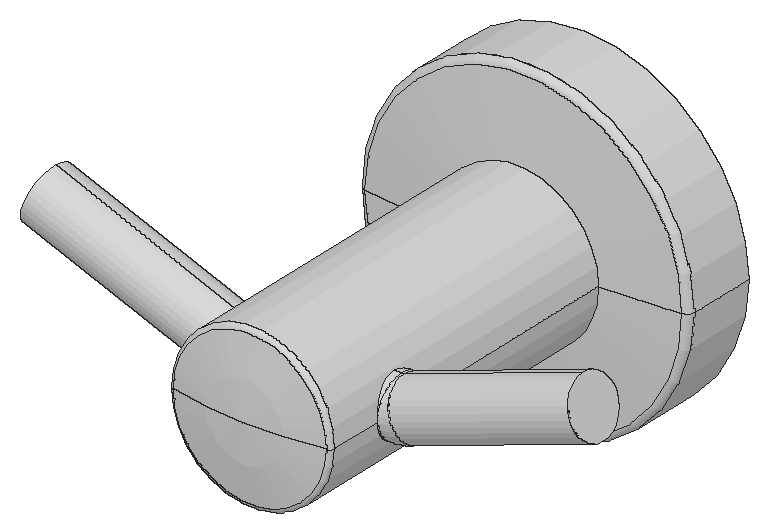
Revit family "Reece_Accessory_Posh_Solus MK2_Robe Hook", category Plumbing Fixtures, host Face, Revit 2018
Family settings
  Host = Face
  Round Connector Dimension = Use Diameter
  Part Type = Normal
  Cut with Voids When Loaded = Yes
  Shared = Yes
  Room Calculation Point = Yes
Parameters (values of type "Chrome")
  URL = "https://www.reece.com.au/product/-9506577"
  Type Comments = "Accessory"
  Reece_Product_Web Page = "https://www.reece.com.au/product/-9506577"
  Reece_Product_Type = "Accessory"  # constant formula
  Reece_Product_Sub Brand = "Solus MK2"  # constant formula
  Reece_Product_Number = "9506577"
  Reece_Product_Mount = "Wall Mounted"
  Reece_Product_Description = "Posh Solus MK2 Robe Hook Chrome"
  Reece_Product_Brand = "Posh"  # constant formula
  Reece_Overall_Width = 58 mm  # constant formula
  Reece_Overall_Length = 77 mm  # constant formula
  Reece_Overall_Height = 45 mm  # constant formula
  Reece_Material_Main = Reece_Brass_Chrome
  Reece_Height_From_Level [instance] = 1000 mm
  Reece_Detail_Installation = "Wall Mounted"  # constant formula
  Reece_Detail_Disclaimer = "THIS FILE IS THE PROPERTY OF THE REECE GROUP. IT MAY NOT BE REPRODUCED, REVERSE-ENGINEERED OR MODIFIED. ANY REPUBLICATION, TRANSMISSION OR DISTRIBUTION FOR THE PURPOSE OF COMMERCIALLY EXPLOITING THE FILES IS PROHIBITED."  # constant formula
  Reece_Detail_Additional = "Robe Hook"  # constant formula
  Model = "Solus MK2"
  Manufacturer = "Posh"
  Keynote = "Product #9506577, Reece_Accessory_Posh_Solus MK2_Robe Hook - Chrome"
  Disclaimer = "THIS FILE IS THE PROPERTY OF THE REECE GROUP. IT MAY NOT BE REPRODUCED, REVERSE-ENGINEERED OR MODIFIED. ANY REPUBLICATION, TRANSMISSION OR DISTRIBUTION FOR THE PURPOSE OF COMMERCIALLY EXPLOITING THE FILES IS PROHIBITED."  # constant formula
  Description = "Posh Solus MK2 Robe Hook Chrome"
  Default Elevation = 0 mm
Types (3, lengths in mm): name | URL | Reece_Product_Web Page | Reece_Product_Number | Reece_Product_Description | Reece_Material_Main | Keynote | Description
  (no name) | "https://www.reece.com.au/product/-9506577" | "https://www.reece.com.au/product/-9506577" | "9506577" | "Posh Solus MK2 Robe Hook Chrome" | Reece_Brass_Chrome | "Product #9506577, Reece_Accessory_Posh_Solus MK2_Robe Hook -  " | "Posh Solus MK2 Robe Hook Chrome"
  Chrome | "https://www.reece.com.au/product/-9506577" | "https://www.reece.com.au/product/-9506577" | "9506577" | "Posh Solus MK2 Robe Hook Chrome" | Reece_Brass_Chrome | "Product #9506577, Reece_Accessory_Posh_Solus MK2_Robe Hook - Chrome" | "Posh Solus MK2 Robe Hook Chrome"
  Matte Black | "https://www.reece.com.au/product/-2263975" | "https://www.reece.com.au/product/-2263975" | "2263975" | "Posh Solus MK2 Robe Hook Matte Black" | Reece_Brass_Matte Black | "Product #2263975, Reece_Accessory_Posh_Solus MK2_Robe Hook - Matte Black" | "Posh Solus MK2 Robe Hook Matte Black"
Reference planes
  plane 1 "Center (Front/Back)": y = 0
  plane 2 "Bottom Host Plane": z = -5
  plane 3 "Center (Left/Right)": x = 0
  plane 4 "Height From Floor": z = 1000
  plane 5: y = -58
  plane 6: z = 1022.5
  plane 7: x = -38.5
  plane 8: x = 38.5
  plane 9: z = 977.5
Forms (mm)
  Revolve 1, solid, material "Reece_Brass_Chrome" <- "Reece_Material_Main"
    sketch origin (0, 0, 1000) x (-1, 0, 0) y (0, -1, 0)
      loop
        line (-22.5, 0) -> (0, 0) -> (0, 58)
        arc (0, 58) -> (-5.252, 57.719) -> (-10.444, 56.88) r 49.27
        arc (-10.444, 56.88) -> (-10.85, 56.63) -> (-11.009, 56.18) r 0.717
        line (-11.009, 56.18) -> (-11.009, 11.227)
        arc (-11.009, 11.227) -> (-16.328, 10.8) -> (-21.629, 10.198) r 161.652
        arc (-21.629, 10.198) -> (-22.251, 9.866) -> (-22.5, 9.206) r 1
        line (-22.5, 9.206) -> (-22.5, 0)
      axis (0, 0) -> (0, 58)
    angle from 0 to 360
  Sweep 2, solid, material "Reece_Brass_Chrome" <- "Reece_Material_Main"
    path origin (1.406, -49, 0.352) x (-1, 0, 0) y (0, 0, 1)
      loop
        line (40.111, 1005.326) -> (15.611, 996.509)
        arc (15.611, 996.509) -> (14.11, 996.111) -> (12.563, 995.977) r 9
        line (12.563, 995.977) -> (-9.751, 995.977)
        arc (-9.751, 995.977) -> (-11.297, 996.111) -> (-12.798, 996.509) r 9
        line (-12.798, 996.509) -> (-37.298, 1005.326)
    profile origin (0, -49, 996.328) x (0, 0, -1) y (0, 1, 0)
      loop
        circle (-4, 4) r 4
  Extrusion 3, void
    sketch origin (0, 0, 0.859) x (0, 1, 0) y (0, 0, 1)
      loop
        arc (-19.236, 988.341) -> (-25.239, 989.527) -> (-31.24, 988.321) r 15.681
        line (-31.24, 988.321) -> (-31.24, 986.244) -> (-19.236, 986.244) -> (-19.236, 988.341)
      loop
        arc (-42.135, 988.298) -> (-45.228, 988.785) -> (-48.321, 988.298) r 10.056
        line (-48.321, 988.298) -> (-48.321, 986.283) -> (-42.135, 986.283) -> (-42.135, 988.298)
    from -14.856 to 13.37
Cuts and joins
  Extrusion 3 cuts Revolve 1
  Extrusion 3 cuts Sweep 2
  joined: Revolve 1, Sweep 2
Lines and regions (mm)
  model lines, style "InvisibleLines"
    curve 1: line (0, 0, -5) -> (0, 0, 1000)
Text (mm)
  text "Reece ©" at (2668.853, -2395.367, 2952.593), in view "Reece Preview"
  text "Reece Copyright © 2018, Reece Ltd." at (-247.475, -190.626, 0), in view "Ref. Level"
Dimensions and locks
  plane 2 "Bottom Host Plane" to level = 5 mm
  locked: level to plane 2 "Bottom Host Plane" at 5
  "Reece_Height_From_Level": plane 4 "Height From Floor" to level
  "Reece_Overall_Width": plane 1 "Center (Front/Back)" to plane 5
  equal spacing: plane 7, plane 3 "Center (Left/Right)", plane 8
  "Reece_Overall_Length": plane 8 to plane 7
  locked: plane 6 to plane 4 "Height From Floor" at 22.5
  "Reece_Overall_Height": plane 6 to plane 9
  aligned and locked: plane 2 "Bottom Host Plane" to curve 1
  aligned and locked: plane 4 "Height From Floor" to curve 1
Automatic sketch dimensions
  curve 1 to plane 3 "Center (Left/Right)" = 0 mm
  Sweep 2 sketch curve to plane 4 "Height From Floor" = 3.14 mm  (x2)
  plane 3 "Center (Left/Right)" to Sweep 2 sketch curve = 14.204 mm
  Sweep 2 sketch curve to Sweep 2 sketch curve = 3.048 mm  (x2)
  Sweep 2 sketch curve to Sweep 2 sketch curve = 0.532 mm
  Sweep 2 sketch curve to plane 8 = 0.205 mm
  Sweep 2 sketch curve to plane 3 "Center (Left/Right)" = 11.157 mm
  Sweep 2 sketch curve to plane 7 = 0.205 mm
  plane 4 "Height From Floor" to Sweep 2 sketch curve = 5.677 mm  (x2)
  profile plane to Sweep 2 sketch curve = 4 mm  (x2)
  plane 1 "Center (Front/Back)" to Revolve 1 sketch curve = 0 mm
  Revolve 1 sketch curve to plane 3 "Center (Left/Right)" = 0 mm  (x2)
  Revolve 1 sketch curve to plane 5 = 0 mm
  plane 3 "Center (Left/Right)" to Revolve 1 sketch curve = 0.735 mm
  plane 5 to Revolve 1 sketch curve = 1.82 mm
  plane 3 "Center (Left/Right)" to Revolve 1 sketch curve = 10.292 mm
  Revolve 1 sketch curve to Revolve 1 sketch curve = 0.717 mm
  Revolve 1 sketch curve to Revolve 1 sketch curve = 10.491 mm
  Revolve 1 sketch curve to Revolve 1 sketch curve = 1 mm
  Revolve 1 sketch curve to plane 1 "Center (Front/Back)" = 150.098 mm
  plane 1 "Center (Front/Back)" to Revolve 1 sketch curve = 8.73 mm
  plane 1 "Center (Front/Back)" to Revolve 1 sketch curve = 9.206 mm
  Revolve 1 sketch curve to Revolve 1 sketch curve = 1.029 mm
  Revolve 1 sketch curve to Revolve 1 sketch curve = 12.283 mm
  Revolve 1 sketch curve to Revolve 1 sketch curve = 3.822 mm
  plane 5 to Extrusion 3 sketch curve = 9.679 mm
  plane 9 to Extrusion 3 sketch curve = 2.088 mm
  Extrusion 3 sketch curve to Extrusion 3 sketch curve = 3.093 mm
  Extrusion 3 sketch curve to Extrusion 3 sketch curve = 6.186 mm
  Extrusion 3 sketch curve to Extrusion 3 sketch curve = 10.895 mm
  Extrusion 3 sketch curve to plane 9 = 2.795 mm
  Extrusion 3 sketch curve to Extrusion 3 sketch curve = 6.022 mm
  Extrusion 3 sketch curve to Extrusion 3 sketch curve = 12.005 mm
  plane 9 to Extrusion 3 sketch curve = 9.603 mm
  Extrusion 3 sketch curve to Extrusion 3 sketch curve = 7.554 mm
  Extrusion 3 sketch curve to Extrusion 3 sketch curve = 2.015 mm
  Extrusion 3 sketch curve to Extrusion 3 sketch curve = 2.097 mm
  Extrusion 3 sketch curve to Extrusion 3 sketch curve = 0.004 mm
  radius of Sweep 2 sketch curve = 4 mm
